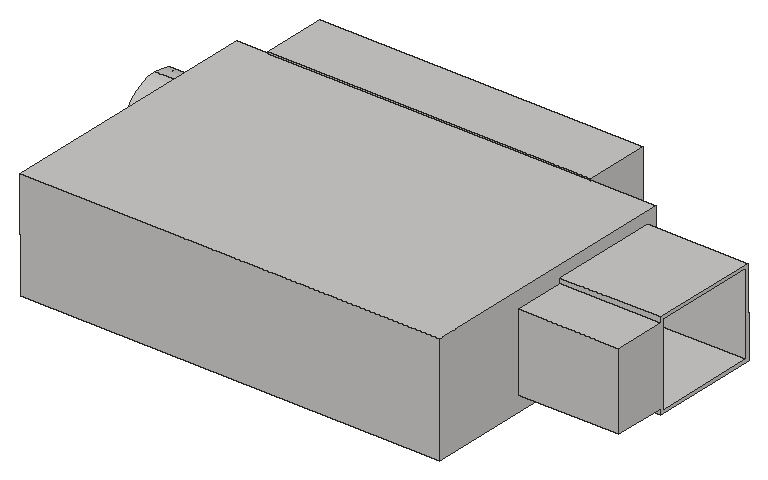
Revit family
Parameters
  Width = 2' - 2"
  Voltage = 480 V
  Unit Weight = "146.0 lbs"
  URL = "http://www.titus-hvac.com/"
  UL = "181"
  Supply Air Flow [instance] = 0 CFM
  Primary Air Pressure Drop [instance] = 0.00 in-wg
  Primary Air Flow [instance] = 0 CFM
  Plenum Air Pressure Drop [instance] = 0.00 in-wg
  Plenum Air Flow [instance] = 0 CFM
  Outlet Width = 0' - 10 1/2"
  Outlet Vertical Offset = 0' - 2 1/4"
  Outlet Horizontal Offset = 0' - 1 1/16"
  Outlet Height = 0' - 8 3/8"
  Number of Poles = 3
  Nominal Width = Width + 0' 6 1/4"  # 2' - 8 1/4"
  Nominal Length = Length + 0' 3 3/8" + 0' 9 3/4"  # 4' - 5 3/8"
  Nominal Inlet Size = 0' - 8"
  Nominal Height = 0' - 10 5/8"
  NFPA = "90A"
  Motor on Phase [instance] = 1
  Motor Full Load Amps [instance] = 1.8 A
  Model = "DFLS"
  Min. Air Flow = 0 CFM
  Max. Air Flow = 900 CFM
  Material = Steel
  Manufacturer = "Titus"
  Lynergy Controlled Heater = no
  Length = 3' - 4 1/4"
  Juction Box Offset = 0' - 3"
  Inlet Diameter = Nominal Inlet Size - 0' 0 1/8"  # 0' - 7 7/8"
  Induced Air Inlet Vertical Offset = 0' - 0 5/8"
  Induced Air Inlet Horizontal Offset = 0' - 0 7/8"
  Induced Air Inlet Width = 1' - 2 5/8"
  Induced Air Inlet Height = 0' - 8 3/4"
  Induced Air Filter = no
  Height = 0' - 10 1/2"
  Heating Total Capacity [instance] = 0 Btu/h
  Half Outlet Connection Width = Outlet Width / 2  # 0' - 5 1/4"
  Half Outlet Connection Height = Outlet Height / 2  # 0' - 4 3/16"
  Half Height Start = -(Height / 2)  # -0' - 5 1/4"
  Half Height End = Height / 2  # 0' - 5 1/4"
  HP-Motor = "1/4"
  Fuse Block = no
  Frequency = 60 Hz
  Foil Face Liner = Choose Liner Option = 1  # no
  Fiber Free Liner = Choose Liner Option = 2  # no
  Electric Heat Power [instance] = 0 VA
  Duct Radius = Nominal Inlet Size / 2  # 0' - 4"
  Disconnect Switch = no
  Description = "Series Fan Powered Terminal Unit, Direct Digital Control, Pressure Independent, Low Profile"
  Connection Void Radius = Connection Radius - 0' 0 1/4"  # 0' - 3 11/16"
  Connection Radius = Inlet Diameter / 2  # 0' - 3 15/16"
  Choose Liner Option = 0
  CADworks URL = "www.CADworks.net"
  Assembly Code = "D3040100"
  Apparent Load Phase C [instance] = Electric Heat Power / 3 + if(Motor on Phase = 3, Motor Full Load Amps * 277 V, 0 VA)  # 0 VA
  Apparent Load Phase B [instance] = Electric Heat Power / 3 + if(Motor on Phase = 2, Motor Full Load Amps * 277 V, 0 VA)  # 0 VA
  Apparent Load Phase A [instance] = Electric Heat Power / 3 + if(Motor on Phase = 1, Motor Full Load Amps * 277 V, 0 VA)  # 498.6 VA
  Air Inlet Offset = 0' - 5 5/8"
  1/2" Fiberglass Liner = Choose Liner Option = 0  # yes
Reference planes (in)
  plane 1 "Center (Front/Back)": y = 0
  plane 2: z = 0
  plane 3 "Center (Left/Right)": x = 3
  plane 4: x = -17.125
  plane 5: x = 23.125
  plane 6: x = -14.125
  plane 7: x = -20.5
  plane 8 "Center (Elevation)": z = 0
  plane 9: y = -13
  plane 10: y = 13
  plane 11: y = 7.375
  plane 12: y = -12.125
  plane 13: y = 19.25
  plane 14: x = 32.875
  plane 15: x = -11.125
  plane 16: z = 5.25
  plane 17: z = -5.25
Forms (in)
  Extrusion 1, solid, material "Steel" <- "Material"
    sketch origin (0, 0, 0) x (1, 0, 0) y (0, 1, 0)
      loop
        line (-17.125, 13) -> (-17.125, -13) -> (23.125, -13) -> (23.125, 13) -> (-17.125, 13)
    from -5.25 <- "Half Height Start" to 5.25 <- "Half Height End"
  Extrusion 2, solid, material "Steel" <- "Material"
    sketch origin (4.5, 0, -4.25) x (1, 0, 0) y (0, 1, 0)
      loop
        line (-18.625, 13) -> (12.375, 13) -> (12.375, 19.25) -> (-18.625, 19.25) -> (-18.625, 13)
    from 0 to 9.625
  Extrusion 3, solid, material "Steel" <- "Material"
    sketch origin (-24.875, -5.125, 0) x (0, 0, -1) y (0, 1, 0)
      loop
        circle (0, 12.5) r 3.9375
    from 4.375 to 7.75
  Extrusion 4, void
    sketch origin (-24.875, 0, 0) x (0, 1, 0) y (0, 0, 1)
      loop
        circle (7.375, 0) r 3.6875
    from 4.375 to 13.75
  Extrusion 5, void
    sketch origin (-17.125, -13, 0) x (0, -1, 0) y (0, 0, -1)
      loop
        line (-15.5, -4.125) -> (-0.875, -4.125) -> (-0.875, 4.625) -> (-15.5, 4.625) -> (-15.5, -4.125)
    from 0 to 6
  Extrusion 6, solid, material "Steel" <- "Material"
    sketch origin (23.125, 42.625, 0) x (0, -1, 0) y (0, 0, -1)
      loop
        line (46.25, -3.6875) -> (46.25, 3.6875) -> (41.25, 3.6875) -> (41.25, 4.1875) -> (30.75, 4.1875) -> (30.75, -4.1875) -> (41.25, -4.1875) -> (41.25, -3.6875) -> (46.25, -3.6875)
      loop
        line (41, -3.9375) -> (41, 3.9375) -> (31, 3.9375) -> (31, -3.9375) -> (41, -3.9375)
    from 0 to 9.75
Cuts and joins
  Extrusion 4, Extrusion 5 cuts Extrusion 1
  Extrusion 4 cuts Extrusion 3
Dimensions and locks (in)
  "Length": plane 5 to plane 4
  equal spacing: plane 5, plane 3 "Center (Left/Right)", plane 4, locked at 20.125 each
  locked: Extrusion 2 to Extrusion 2 at 31
  "Juction Box Offset": plane 6 to plane 4
  locked: plane 4 to plane 7 at 3.375
  "Width": plane 9 to plane 10
  equal spacing: plane 9, plane 1 "Center (Front/Back)", plane 10, locked at 13 each
  locked: Extrusion 2 to Extrusion 2 at 6.25
  locked: cut or joined group of Extrusion 3, Extrusion 4 to plane 11 at 0
  locked: Extrusion 4 sketch curve to plane 11 at 0  (x2)
  "Air Inlet Offset": plane 10 to plane 11
  locked: cut or joined group of Extrusion 3, Extrusion 4 to cut or joined group of Extrusion 3, Extrusion 4 at 3.375
  "Induced Air Inlet Horizontal Offset": plane 9 to plane 12
  "Induced Air Inlet Width": Extrusion 5 sketch curve to Extrusion 5 sketch curve
  "Induced Air Inlet Height": Extrusion 5 sketch curve to Extrusion 5 sketch curve
  "Induced Air Inlet Horizontal Offset": Extrusion 5 sketch curve to plane 9
  locked: Extrusion 6 sketch curve to Extrusion 6 sketch curve at 5  (x2)
  locked: Extrusion 3 sketch curve to level at 0
  locked: Extrusion 3 sketch curve to plane 11 at 0
  locked: Extrusion 4 sketch curve to level at 0
  "Induced Air Inlet Vertical Offset": cut or joined group of Extrusion 1, Extrusion 4, Extrusion 5 to Extrusion 5 sketch curve
  locked: plane 4 to plane 15 at 6
  locked: Extrusion 2 to Extrusion 2 at 9.625
  locked: plane 17 to Extrusion 2 at 1
  equal spacing: plane 16, level, plane 17, locked at 5.25 each
  Extrusion 6 sketch curve to Extrusion 6 sketch curve = 0' - 7 3/8"
  equal spacing: Extrusion 6 sketch curve, level, Extrusion 6 sketch curve
  locked: Extrusion 6 sketch curve to Extrusion 6 sketch curve at 0.5  (x2)
  "Outlet Width": Extrusion 6 sketch curve to Extrusion 6 sketch curve
  locked: Extrusion 6 sketch curve to plane 10 at 1.125
  "Outlet Height": Extrusion 6 sketch curve to Extrusion 6 sketch curve
  equal spacing: Extrusion 6 sketch curve, level, Extrusion 6 sketch curve, locked at 4.1875 each
  locked: Extrusion 6 sketch curve to Extrusion 6 sketch curve at 0.25  (x6)
  "Connection Radius": radius of Extrusion 3 sketch curve
  "Connection Void Radius": radius of Extrusion 4 sketch curve
  aligned and locked: plane 15 to Extrusion 5
  aligned and locked: Extrusion 5 to Extrusion 4
  aligned and locked: plane 16 to cut or joined group of Extrusion 1, Extrusion 4, Extrusion 5
  aligned and locked: plane 17 to cut or joined group of Extrusion 1, Extrusion 4, Extrusion 5
  aligned and locked: plane 9 to cut or joined group of Extrusion 1, Extrusion 4, Extrusion 5
  aligned and locked: plane 10 to cut or joined group of Extrusion 1, Extrusion 4, Extrusion 5
  aligned and locked: plane 10 to Extrusion 2
  aligned and locked: plane 13 to Extrusion 2
  aligned and locked: plane 14 to Extrusion 6
  aligned and locked: plane 5 to cut or joined group of Extrusion 1, Extrusion 4, Extrusion 5
  aligned and locked: plane 4 to cut or joined group of Extrusion 1, Extrusion 4, Extrusion 5  (x2)
  aligned and locked: plane 12 to cut or joined group of Extrusion 1, Extrusion 4, Extrusion 5
  aligned and locked: plane 15 to cut or joined group of Extrusion 1, Extrusion 4, Extrusion 5  (x2)
  aligned and locked: plane 7 to cut or joined group of Extrusion 3, Extrusion 4  (x2)
  aligned and locked: plane 4 to cut or joined group of Extrusion 3, Extrusion 4
  aligned and locked: plane 6 to Extrusion 2
  aligned and locked: plane 5 to Extrusion 6
Automatic sketch dimensions
  Extrusion 1 sketch curve to plane 4 = 0' - 0"
  Extrusion 1 sketch curve to plane 5 = 0' - 0"
  Extrusion 1 sketch curve to plane 9 = 0' - 0"
  Extrusion 1 sketch curve to plane 10 = 0' - 0"
  Extrusion 2 sketch curve to plane 6 = 0' - 0"
  Extrusion 2 sketch curve to plane 10 = 0' - 0"
  Extrusion 2 sketch curve to plane 5 = 0' - 6 1/4"
  Extrusion 2 sketch curve to Extrusion 2 sketch curve = 0' - 6 1/4"
Connectors (in)
  electrical at (1.375, 19.25, 0.5625), driven by "Voltage", driven by "Number of Poles", driven by "Apparent Load Phase C", driven by "Apparent Load Phase B", driven by "Apparent Load Phase A"
    settings: on Extrusion 2, index 8
  hvac at (-20.5, 7.375, 0), driven by "Primary Air Flow", driven by "Duct Radius", driven by "Primary Air Pressure Drop"
    settings: on cut or joined group of Extrusion 3, Extrusion 4, index 9
  hvac at (-17.125, -4.8125, -0.25), driven by "Plenum Air Flow", driven by "Induced Air Inlet Height", driven by "Induced Air Inlet Width", driven by "Plenum Air Pressure Drop"
    settings: on cut or joined group of Extrusion 1, Extrusion 4, Extrusion 5, index 10
  hvac at (32.875, 6.625, 0), driven by "Supply Air Flow", driven by "Outlet Height", driven by "Outlet Width"
    settings: on Extrusion 6, index 13
